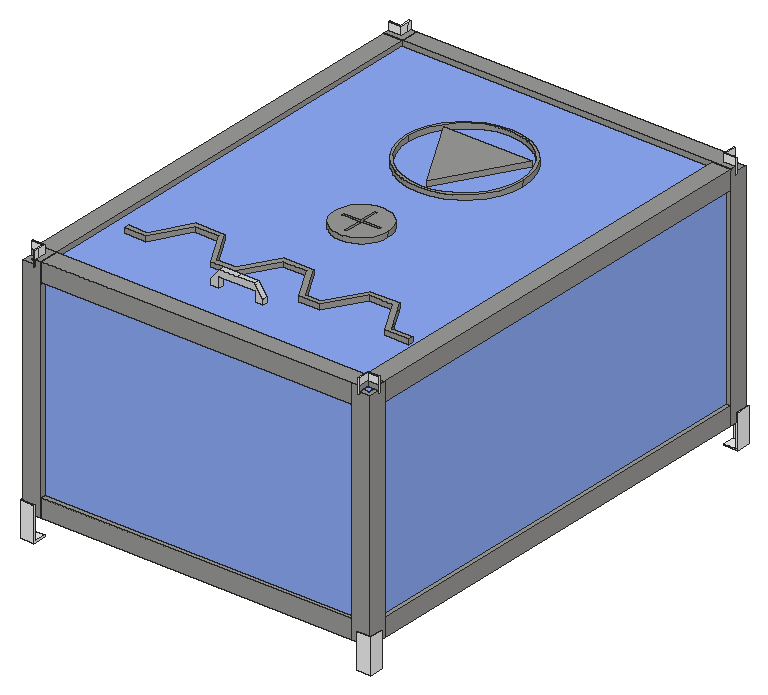
Revit family "4. Секция моноблока UTR A", category Оборудование, Revit 2016
Family settings
  Тип детали = Нормальный
  Размер круглого соединителя = Использовать диаметр
  На основе рабочей плоскости = Нет
  Всегда вертикально = Да
  При загрузке вырезать с полостями = Нет
  Общий = Нет
  Точка расчета площади = Нет
Parameters (values of type "50-25 A.2.22-0,37x27(R)")
  ширина = 500 mm
  размер В = 635 mm
  значок = yes
  высота = 250 mm
  Теплопроизводительность, кВт = 26 kW
  Синий = Синий
  Д1 = Д - 20 mm  # 940 mm
  Д = 960 mm
  ножки(да/нет) [instance] = yes
  Г = 395 mm
  Б1 = Б - 20 mm  # 450 mm
  А1 = А - 20 mm  # 690 mm
  А = 710 mm
  высота ножек = 50 mm
  Б = 470 mm
  Частотный преобразователь [instance] = no
  Частота вращения n, об/мин = "2730"
  Тип, марка, обозначение = "UTR 50-25 A.2.22-0,37x27(R)"
  Сила тока J, А = "1,66/0,96"
  Регулятор расхода [instance] = no
  Раздел = "ОВ"
  Примечание = ""
  Позиция = ""
  Напряжение U,В = "3х220/3х380"
  Наименование и тех.хар-ка = "Секция фильтра, водяного нагревателя и вентилятора"  # constant formula
  Мощность двигателя N,Вт = "370"
  Материал = RAL 0000 Серый металл
  Масса единицы = "69"
  Код, оборудования = ""
  Ключевая пометка = "Вентиляция"
  Задание электрикам [instance] = no
  Задание автоматчикам [instance] = no
  Завод изготовитель = "KORF"  # constant formula
  Единица измерения = "шт."  # constant formula
  h = высота ножек + 10 mm  # 60 mm
Types (46, lengths in mm): name | ширина | размер В | высота | Теплопроизводительность, кВт | Д1 | Д | ножки(да/нет) | Г | Б1 | А1 | А | Б | Частота вращения n, об/мин | Тип, марка, обозначение | Сила тока J, А | Напряжение U,В | Мощность двигателя N,Вт | Материал | Масса единицы
  50-25 A.2.22-0,37x27(R) | 500 | 635 | 250 | 26 kW | 940 | 960 | yes | 395 | 450 | 690 | 710 | 470 | "2730" | "UTR 50-25 A.2.22-0,37x27(R)" | "1,66/0,96" | "3х220/3х380" | "370" | RAL 0000 Серый металл | "69"
  50-25 A.2.25-0,55x27(R) | 500 | 635 | 250 | 26 kW | 940 | 960 | no | 395 | 450 | 690 | 710 | 470 | "2730" | "UTR 50-25 A.2.22-0,55x27(R)" | "2,47/1,43" | "3х220/3х380" | "550" | Сталь серая | "71"
  50-30 A.2.25-0,55x27(R) | 500 | 635 | 300 | 30.9 kW | 940 | 960 | no | 445 | 500 | 690 | 710 | 520 | "2730" | "UTR 50-30 A.2.25-0,55x27(R)" | "2,47/1,43" | "3х220/3х380" | "550" | Сталь серая | "75"
  50-30 A.2.28-1,1x28(R) | 500 | 635 | 300 | 30.9 kW | 1040 | 1060 | no | 445 | 500 | 690 | 710 | 520 | "2800" | "UTR 50-30 A.2.28-1,1x28(R)" | "4,4/2,52" | "3х220/3х380" | "1100" | Сталь серая | "81"
  50-30 A.2.31-1,1x28(R) | 500 | 635 | 300 | 30.9 kW | 1040 | 1060 | no | 445 | 500 | 690 | 710 | 520 | "2800" | "UTR 50-30 A.2.31-1,1x28(R)" | "4,4/2,52" | "3х220/3х380" | "1100" | Сталь серая | "83"
  60-30 A.2.28-1,1x28(R) | 600 | 735 | 300 | 37.4 kW | 1040 | 1060 | no | 445 | 500 | 790 | 810 | 520 | "2800" | "UTR 60-30 A.2.28-1,1x28(R)" | "4,4/2,52" | "3х220/3х380" | "1100" | Сталь серая | "87"
  60-30 A.2.31-1,1x28(R) | 600 | 735 | 300 | 37.4 kW | 1040 | 1060 | no | 445 | 500 | 790 | 810 | 520 | "2800" | "UTR 60-30 A.2.31-1,1x28(R)" | "4,4/2,52" | "3х220/3х380" | "1100" | Сталь серая | "89"
  60-35 A.2.31-1,1x28(R) | 600 | 735 | 350 | 43.9 kW | 1040 | 1060 | no | 495 | 550 | 790 | 810 | 570 | "2800" | "UTR 60-35 A.2.31-1,1x28(R)" | "4,4/2,52" | "3х220/3х380" | "1100" | Сталь серая | "92"
  60-35 A.2.31-1,5x28(R) | 600 | 735 | 350 | 43.9 kW | 1040 | 1060 | no | 495 | 550 | 790 | 810 | 570 | "2880" | "UTR 60-35 A.2.31-1,5x28(R)" | "5,6/3,3" | "3х220/3х380" | "1500" | Сталь серая | "95"
  60-35 A.2.35-2,2x28(R) | 600 | 735 | 350 | 43.9 kW | 1120 | 1140 | no | 495 | 550 | 790 | 810 | 570 | "2860" | "UTR 60-35 A.2.35-2,2x28(R)" | "8,0/4,6" | "3х220/3х380" | "1500" | Сталь серая | "101"
  70-40 A.2.31-1,1x28(R) | 700 | 835 | 400 | 58.5 kW | 1040 | 1060 | no | 545 | 600 | 890 | 910 | 620 | "2800" | "UTR 70-40 A.2.31-1,1x28(R)" | "4,4/2,52" | "3х220/3х380" | "1100" | Сталь серая | "102"
  70-40 A.2.31-2,2x28(R) | 700 | 835 | 400 | 58.5 kW | 1120 | 1140 | no | 545 | 600 | 890 | 910 | 620 | "2860" | "UTR 70-40 A.2.31-2,2x28(R)" | "8,0/4,6" | "3х220/3х380" | "2200" | Сталь серая | "110"
  70-40 A.2.35-2,2x28(R) | 700 | 835 | 400 | 58.5 kW | 1120 | 1140 | no | 545 | 600 | 890 | 910 | 620 | "2860" | "UTR 70-40 A.2.35-2,2x28(R)" | "8,0/4,6" | "3х220/3х380" | "2200" | Сталь серая | "111"
  80-50 A.2.35-2,2x28(R) | 800 | 935 | 500 | 82.9 kW | 1120 | 1140 | no | 645 | 700 | 990 | 1010 | 720 | "2860" | "UTR 80-50 A.2.35-2,2x28(R)" | "8,0/4,6" | "3х220/3х380" | "2200" | Сталь серая | "126"
  80-50 A.2.35-3,0x28(R) | 800 | 935 | 500 | 82.9 kW | 1120 | 1140 | no | 645 | 700 | 990 | 1010 | 720 | "2860" | "UTR 80-50 A.2.35-3,0x28(R)" | "10,5/6,0" | "3х220/3х380" | "3000" | Сталь серая | "130"
  80-50 A.2.40-4,0x28(R) | 800 | 935 | 500 | 82.9 kW | 1240 | 1260 | no | 645 | 700 | 990 | 1010 | 720 | "2850" | "UTR 80-50 A.2.40-4,0x28(R)" | "8,0/4,6" | "3х380/3х660" | "4000" | Сталь серая | "147"
  90-50 A.2.35-3,0x28(R) | 900 | 1050 | 500 | 92.6 kW | 1120 | 1140 | no | 645 | 720 | 1140 | 1160 | 740 | "2860" | "UTR 90-50 A.2.35-3,0x28(R)" | "10,5/6,0" | "3х220/3х380" | "3000" | Сталь серая | "142"
  90-50 A.2.40-4,0x28(R) | 900 | 1050 | 500 | 92.6 kW | 1240 | 1260 | no | 645 | 720 | 1140 | 1160 | 740 | "2850" | "UTR 90-50 A.2.40-4,0x28(R)" | "8,0/4,6" | "3х380/3х660" | "4000" | Сталь серая | "158"
  90-50 A.2.45-3,0x14(R) | 900 | 1050 | 500 | 92.6 kW | 1240 | 1260 | no | 645 | 720 | 1140 | 1160 | 740 | "1410" | "UTR 90-50 A.2.45-3,0x14(R)" | "11,6/6,7" | "3х220/3х380" | "3000" | Сталь серая | "157"
  100-50 A.2.40-4,0x28(R) | 1000 | 1150 | 500 | 102.4 kW | 1240 | 1260 | yes | 665 | 720 | 1205 | 1225 | 740 | "2850" | "UTR 100-50 A.2.40-4,0x28(R)" | "8,0/4,6" | "3х380/3х660" | "4000" | Сталь серая | "165"
  100-50 A.2.45-3,0x28(R) | 1000 | 1150 | 500 | 102.4 kW | 1240 | 1260 | no | 665 | 720 | 1205 | 1225 | 740 | "1410" | "UTR 100-50 A.2.45-3,0x14(R)" | "11,6/6,7" | "3х220/3х380" | "3000" | Сталь серая | "166"
  100-50 A.2.45-4,0x14(R) | 1000 | 1150 | 500 | 102.4 kW | 1300 | 1320 | no | 665 | 720 | 1205 | 1225 | 740 | "1410" | "UTR 100-50 A.2.45-4,0x14(R)" | "8,5/4,9" | "3х380/3х660" | "4000" | Сталь серая | "174"
  100-50 A.2.45-5,5x14(R) | 1000 | 1150 | 500 | 102.4 kW | 1300 | 1320 | no | 665 | 720 | 1205 | 1225 | 740 | "1430" | "UTR 100-50 A.2.45-5,5x14(R)" | "11,0/6,5" | "3х380/3х660" | "5500" | Сталь серая | "183"
  50-25 A.3.22-0,37x27(R) | 500 | 635 | 250 | 31.4 kW | 940 | 960 | no | 395 | 450 | 690 | 710 | 470 | "2730" | "UTR 50-25 A.3.22-0,37x27(R)" | "1,66/0,96" | "3х220/3х380" | "370" | Сталь серая | "71"
  50-25 A.3.22-0,55x27(R) | 500 | 635 | 250 | 31.4 kW | 940 | 960 | no | 395 | 450 | 690 | 710 | 470 | "2730" | "UTR 50-25 A.3.22-0,55x27(R)" | "2,47/1,43" | "3х220/3х380" | "550" | Сталь серая | "73"
  50-30 A.3.25-0,55x27(R) | 500 | 635 | 300 | 37.3 kW | 940 | 960 | no | 445 | 500 | 690 | 710 | 520 | "2730" | "UTR 50-30 A.3.25-0,55x27(R)" | "2,47/1,43" | "3х220/3х380" | "550" | Сталь серая | "76"
  50-30 A.3.28-1,1x28(R) | 500 | 635 | 300 | 37.3 kW | 1040 | 1060 | no | 445 | 500 | 690 | 710 | 520 | "2800" | "UTR 50-30 A.3.28-1,1x28(R)" | "4,4/2,52" | "3х220/3х380" | "1100" | Сталь серая | "82"
  50-30 A.3.31-1,1x28(R) | 500 | 635 | 300 | 37.3 kW | 1040 | 1060 | no | 445 | 500 | 690 | 710 | 520 | "2800" | "UTR 50-30 A.3.31-1,1x28(R)" | "4,4/2,52" | "3х220/3х380" | "1100" | Сталь серая | "84"
  60-30 A.3.28-1,1x28(R) | 600 | 735 | 300 | 45.2 kW | 1040 | 1060 | no | 445 | 500 | 790 | 810 | 520 | "2800" | "UTR 60-30 A.3.28-1,1x28(R)" | "4,4/2,52" | "3х220/3х380" | "1100" | Сталь серая | "89"
  60-30 A.3.31-1,1x28(R) | 600 | 735 | 300 | 45.2 kW | 1040 | 1060 | no | 445 | 500 | 790 | 810 | 520 | "2800" | "UTR 60-30 A.3.31-1,1x28(R)" | "4,4/2,52" | "3х220/3х380" | "1100" | Сталь серая | "91"
  60-35 A.3.31-1,1x28(R) | 600 | 735 | 350 | 53 kW | 1040 | 1060 | no | 495 | 550 | 790 | 810 | 570 | "2800" | "UTR 60-35 A.3.31-1,1x28(R)" | "4,4/2,52" | "3х220/3х380" | "1100" | Сталь серая | "94"
  60-35 A.3.31-1,5x28(R) | 600 | 735 | 350 | 53 kW | 1040 | 1060 | no | 495 | 550 | 790 | 810 | 570 | "2880" | "UTR 60-35 A.3.31-1,5x28(R)" | "5,6/3,3" | "3х220/3х380" | "1500" | Сталь серая | "97"
  60-35 A.3.35-2,2x28(R) | 600 | 735 | 350 | 53 kW | 1120 | 1140 | no | 495 | 550 | 790 | 810 | 570 | "2860" | "UTR 60-35 A.3.35-2,2x28(R)" | "8,0/4,6" | "3х220/3х380" | "1500" | Сталь серая | "103"
  70-40 A.3.31-1,1x28(R) | 700 | 835 | 400 | 70.7 kW | 1040 | 1060 | no | 545 | 600 | 890 | 910 | 620 | "2800" | "UTR 70-40 A.3.31-1,1x28(R)" | "4,4/2,52" | "3х220/3х380" | "1100" | Сталь серая | "105"
  70-40 A.3.31-2,2x28(R) | 700 | 835 | 400 | 70.7 kW | 1120 | 1140 | no | 545 | 600 | 890 | 910 | 620 | "2860" | "UTR 70-40 A.3.31-2,2x28(R)" | "8,0/4,6" | "3х220/3х380" | "2200" | Сталь серая | "113"
  70-40 A.3.35-2,2x28(R) | 700 | 835 | 400 | 70.7 kW | 1120 | 1140 | no | 545 | 600 | 890 | 910 | 620 | "2860" | "UTR 70-40 A.3.35-2,2x28(R)" | "8,0/4,6" | "3х220/3х380" | "2200" | Сталь серая | "114"
  80-50 A.3.35-2,2x28(R) | 800 | 935 | 500 | 100.1 kW | 1120 | 1140 | no | 645 | 700 | 990 | 1010 | 720 | "2860" | "UTR 80-50 A.3.35-2,2x28(R)" | "8,0/4,6" | "3х220/3х380" | "2200" | Сталь серая | "129"
  80-50 A.3.35-3,0x28(R) | 800 | 935 | 500 | 100.1 kW | 1120 | 1140 | no | 645 | 700 | 990 | 1010 | 720 | "2860" | "UTR 80-50 A.3.35-3,0x28(R)" | "10,5/6,0" | "3х220/3х380" | "3000" | Сталь серая | "133"
  80-50 A.3.40-4,0x28(R) | 800 | 935 | 500 | 100.1 kW | 1240 | 1260 | no | 645 | 700 | 990 | 1010 | 720 | "2850" | "UTR 80-50 A.3.40-4,0x28(R)" | "8,0/4,6" | "3х380/3х660" | "4000" | Сталь серая | "150"
  90-50 A.3.35-3,0x28(R) | 900 | 1050 | 500 | 111.9 kW | 1120 | 1140 | no | 645 | 720 | 1140 | 1160 | 740 | "2860" | "UTR 90-50 A.3.35-3,0x28(R)" | "10,5/6,0" | "3х220/3х380" | "3000" | Сталь серая | "147"
  90-50 A.3.40-4,0x28(R) | 900 | 1050 | 500 | 111.9 kW | 1240 | 1260 | no | 645 | 720 | 1140 | 1160 | 740 | "2850" | "UTR 90-50 A.3.40-4,0x28(R)" | "8,0/4,6" | "3х380/3х660" | "4000" | Сталь серая | "161"
  90-50 A.3.45-3,0x14(R) | 900 | 1050 | 500 | 111.9 kW | 1240 | 1260 | no | 645 | 720 | 1140 | 1160 | 740 | "1410" | "UTR 90-50 A.3.45-3,0x14(R)" | "11,6/6,7" | "3х220/3х380" | "3000" | Сталь серая | "162"
  100-50 A.3.40-4,0x28(R) | 1000 | 1150 | 500 | 123.7 kW | 1240 | 1260 | no | 665 | 720 | 1205 | 1225 | 740 | "2850" | "UTR 100-50 A.3.40-4,0x28(R)" | "8,0/4,6" | "3х380/3х660" | "4000" | Сталь серая | "170"
  100-50 A.3.45-3,0x14(R) | 1000 | 1150 | 500 | 123.7 kW | 1240 | 1260 | no | 665 | 720 | 1205 | 1225 | 740 | "1410" | "UTR 100-50 A.3.45-3,0x14(R)" | "11,6/6,7" | "3х220/3х380" | "3000" | Сталь серая | "169"
  100-50 A.3.45-4,0x14(R) | 1000 | 1150 | 500 | 123.7 kW | 1300 | 1320 | no | 665 | 720 | 1205 | 1225 | 740 | "1410" | "UTR 100-50 A.3.45-4,0x14(R)" | "8,5/4,9" | "3х380/3х660" | "4000" | Сталь серая | "179"
  100-50 A.3.45-5,5x14(R) | 1000 | 1150 | 500 | 123.7 kW | 1300 | 1320 | no | 665 | 720 | 1205 | 1225 | 740 | "1430" | "UTR 100-50 A.3.45-5,5x14(R)" | "11,0/6,5" | "3х380/3х660" | "5500" | Сталь серая | "188"
Reference planes
  plane 1 "По центру (Вперед/Назад)": y = 0
  plane 2: z = 0
  plane 3 "По центру (Влево/Вправо)": x = 0
  plane 4: x = -345
  plane 5: x = 345
  plane 6: y = 470
  plane 7: y = -470
  plane 8: z = 510
  plane 9: z = 60
  plane 10: z = 535
  plane 11: z = 554.116
  plane 12: y = -370
  plane 13: z = 440
  plane 14: z = 320
  plane 15: z = 250
  plane 16: z = 130
  plane 17: y = -100
  plane 18: y = -200
Forms (mm)
  Extrusion 1, solid, material "Синий" <- "Синий", detail levels fine
    sketch origin (0, 0, 50) x (1, 0, 0) y (0, 1, 0)
      loop
        line (-345, 470) -> (-345, -470) -> (345, -470) -> (345, 470) -> (-345, 470)
    from 10 to 460
  Sweep 2, solid, material "RAL 0000 Серый металл" <- "Материал", detail levels fine
    path origin (345, -470, 50) x (-1, 0, 0) y (0, 0, -1)
      loop
        line (0, -460) -> (690, -460) -> (690, -10) -> (0, -10) -> (0, -460)
    profile "Профиль уголок 10х10 : Профиль уголок 10х10" origin (0, -470, 510) x (0, 0, -1) y (0, -1, 0)
      loop
        line (0, -27.5) -> (0, 0) -> (27.5, 0) -> (27.5, 10) -> (-10, 10) -> (-10, -27.5) -> (0, -27.5)
  Sweep 3, solid, material "RAL 0000 Серый металл" <- "Материал", detail levels fine
    path origin (-345, 470, 50) x (1, 0, 0) y (0, 0, -1)
      loop
        line (0, -460) -> (690, -460) -> (690, -10) -> (0, -10) -> (0, -460)
    profile "Профиль уголок 10х10 : Профиль уголок 10х10" origin (0, 470, 510) x (0, 0, -1) y (0, 1, 0)
      loop
        line (0, -27.5) -> (0, 0) -> (27.5, 0) -> (27.5, 10) -> (-10, 10) -> (-10, -27.5) -> (0, -27.5)
  Sweep 4, solid, material "RAL 0000 Серый металл" <- "Материал", detail levels fine
    path origin (345, 470, 50) x (0, -1, 0) y (0, 0, -1)
      loop
        line (0, -460) -> (940, -460) -> (940, -10) -> (0, -10) -> (0, -460)
    profile "Профиль уголок 10х10 : Профиль уголок 10х10" origin (345, 0, 510) x (0, 0, -1) y (1, 0, 0)
      loop
        line (0, -27.5) -> (0, 0) -> (27.5, 0) -> (27.5, 10) -> (-10, 10) -> (-10, -27.5) -> (0, -27.5)
  Sweep 5, solid, material "RAL 0000 Серый металл" <- "Материал", detail levels fine
    path origin (-345, -470, 50) x (0, 1, 0) y (0, 0, -1)
      loop
        line (0, -460) -> (940, -460) -> (940, -10) -> (0, -10) -> (0, -460)
    profile "Профиль уголок 10х10 : Профиль уголок 10х10" origin (-345, 0, 510) x (0, 0, -1) y (-1, 0, 0)
      loop
        line (0, -27.5) -> (0, 0) -> (27.5, 0) -> (27.5, 10) -> (-10, 10) -> (-10, -27.5) -> (0, -27.5)
  Extrusion 6, void
    sketch origin (-345, -19.965, 60) x (0, -1, 0) y (0, 0, -1)
      loop
        line (-477.965, -475) -> (-477.965, -450) -> (-528.913, -450) -> (-528.913, -475) -> (-477.965, -475)
    from -47.452 to 12
  Extrusion 7, void, not visible
    sketch origin (-345, -245, 50) x (0, -1, 0) y (0, 0, -1)
      loop
        line (-477.965, -475) -> (-477.965, -450) -> (-528.913, -450) -> (-528.913, -475) -> (-477.965, -475)
    from -47.452 to 12
  Extrusion 8, void
    sketch origin (345, 19.965, 60) x (0, 1, 0) y (0, 0, -1)
      loop
        line (438.035, -475) -> (488.984, -475) -> (488.984, -450) -> (438.035, -450) -> (438.035, -475)
    from -47.452 to 12
  Extrusion 9, void
    sketch origin (-345, -19.965, 60) x (0, -1, 0) y (0, 0, -1)
      loop
        line (438.035, -475) -> (488.984, -475) -> (488.984, -450) -> (438.035, -450) -> (438.035, -475)
    from -47.452 to 12
  Extrusion 10, void
    sketch origin (345, 19.965, 60) x (0, 1, 0) y (0, 0, -1)
      loop
        line (-477.965, -475) -> (-477.965, -450) -> (-528.913, -450) -> (-528.913, -475) -> (-477.965, -475)
    from -47.452 to 12
  Extrusion 11, solid, not visible
    sketch origin (-505, -587.871, 771.514) x (0, 1, 0) y (0, 0, -1)
      loop
        circle (381.646, 195.63) r 15
    from -25 to 0
  Extrusion 12, solid, not visible
    sketch origin (-505, -645.574, 666.29) x (0, 1, 0) y (0, 0, -1)
      loop
        circle (381.646, 445.63) r 15
    from -25 to 0
  Extrusion 13, solid, not visible
    sketch origin (-505, -604.842, 567.007) x (0, 1, 0) y (0, 0, -1)
      loop
        circle (381.646, 445.63) r 8
    from -25 to 0
  Extrusion 14, solid, not visible
    sketch origin (-505, -624.085, 872.587) x (0, 1, 0) y (0, 0, -1)
      loop
        circle (381.646, 195.63) r 8
    from -25 to 0
  Extrusion 15, solid, detail levels fine
    sketch origin (-623.024, -9.131, 0) x (0, 1, 0) y (0, 0, 1)
      loop
        circle (-90, 320) r 15
      loop
        circle (-190, 440) r 10
      loop
        circle (-190, 250) r 15
      loop
        circle (-90, 130) r 10
    from 268.024 to 500
  Extrusion 16, solid, material "RAL 0000 Серый металл" <- "Материал", visible <- "значок", detail levels fine
    sketch origin (0, 0, 0) x (1, 0, 0) y (0, 1, 0)
      loop
        circle (0, 205.076) r 120
      loop
        circle (0, 205.076) r 115
      loop
        line (0, 265) -> (-90, 265) -> (0, 109.115) -> (90, 265) -> (0, 265)
      loop
        circle (0, -58.567) r 55
      loop
        line (-2.65, -21.167) -> (-2.65, -56.37) -> (-37.853, -56.37) -> (-37.853, -61.37) -> (-2.65, -61.37) -> (-2.65, -96.873) -> (2.35, -96.873) -> (2.35, -61.37) -> (37.853, -61.37) -> (37.853, -56.37) -> (2.35, -56.37) -> (2.35, -21.167) -> (-2.65, -21.167)
      loop
        line (-282.02, -300.971) -> (-282.02, -310.971) -> (-239.133, -310.971) -> (-197.479, -238.823) -> (-148.252, -238.823) -> (-106.598, -310.971) -> (-57.938, -310.971) -> (-16.283, -238.823) -> (32.943, -238.823) -> (74.598, -310.971) -> (117.484, -310.971) -> (159.139, -238.823) -> (208.365, -238.823) -> (250.02, -310.971) -> (298.68, -310.971) -> (298.68, -300.971) -> (255.793, -300.971) -> (214.139, -228.823) -> (153.365, -228.823) -> (111.711, -300.971) -> (80.371, -300.971) -> (38.717, -228.823) -> (-22.057, -228.823) -> (-63.711, -300.971) -> (-100.824, -300.971) -> (-142.479, -228.823) -> (-203.252, -228.823) -> (-244.907, -300.971) -> (-282.02, -300.971)
    from 510 to 520
Cuts and joins
  Extrusion 6, Extrusion 8, Extrusion 9, Extrusion 10 cuts Extrusion 1
  Extrusion 6, Extrusion 8, Extrusion 9, Extrusion 10 cuts Sweep 3
  Extrusion 6, Extrusion 8, Extrusion 9 cuts Sweep 5
  Extrusion 8, Extrusion 10 cuts Sweep 4
  Extrusion 9, Extrusion 10 cuts Sweep 2
Dimensions and locks
  equal spacing: plane 6, plane 1 "По центру (Вперед/Назад)", plane 7
  "Д1": plane 6 to plane 7
  equal spacing: plane 4, plane 3 "По центру (Влево/Вправо)", plane 5
  "А1": plane 4 to plane 5
  "h": plane 9 to level
  "Б1": plane 8 to plane 9
  locked: plane 10 to plane 8 at 25
  locked: plane 11 to plane 8 at 44.116
  plane 12 to plane 7 = 100 mm
  locked: plane 16 to plane 9 at 70
  locked: plane 15 to plane 9 at 190
  locked: plane 8 to plane 13 at 70
  locked: plane 8 to plane 14 at 190
  locked: plane 1 "По центру (Вперед/Назад)" to plane 17 at 100
  locked: plane 1 "По центру (Вперед/Назад)" to plane 18 at 200
  cut or joined group of Sweep 2, Extrusion 9, Extrusion 10 to level = 50 mm
  aligned and locked: level to plane 2
  aligned and locked: plane 6 to Extrusion 1
  aligned and locked: Extrusion 1 to plane 5
  aligned and locked: Extrusion 1 to plane 7
  aligned and locked: Extrusion 1 to plane 4
  aligned and locked: plane 8 to Extrusion 1
  aligned and locked: Extrusion 1 to plane 9
  aligned and locked: Sweep 4 sketch curve to Extrusion 1  (x2)
  aligned and locked: Sweep 5 sketch curve to Extrusion 1  (x2)
  aligned and locked: nested 1 to Sweep 5  (x2)
  aligned and locked: nested 2 to Sweep 4
  aligned and locked: Sweep 4 to nested 2
  aligned and locked: nested 4 to Sweep 4  (x2)
  aligned and locked: Sweep 5 to nested 3
  aligned and locked: nested 3 to Sweep 5
  aligned and locked: Extrusion 6 to nested 5  (x2)
  aligned and locked: Extrusion 8 to nested 7
  aligned and locked: nested 7 to Extrusion 8
  aligned and locked: Extrusion 9 to nested 8
  aligned and locked: nested 8 to Extrusion 9
  aligned and locked: Extrusion 10 to nested 9
  aligned and locked: nested 9 to Extrusion 10
  aligned and locked: nested 8 to cut or joined group of Sweep 2, Extrusion 9, Extrusion 10  (x2)
  aligned and locked: nested 5 to cut or joined group of Sweep 3, Extrusion 6, Extrusion 8, Extrusion 9, Extrusion 10
  aligned and locked: nested 5 to cut or joined group of Sweep 5, Extrusion 6, Extrusion 8, Extrusion 9
  aligned and locked: nested 7 to cut or joined group of Sweep 4, Extrusion 8, Extrusion 10
  aligned and locked: nested 7 to cut or joined group of Sweep 3, Extrusion 6, Extrusion 8, Extrusion 9, Extrusion 10
  aligned and locked: nested 9 to cut or joined group of Sweep 2, Extrusion 9, Extrusion 10
  aligned and locked: cut or joined group of Sweep 2, Extrusion 9, Extrusion 10 to nested 9
  aligned and locked: nested 8 to plane 10
  aligned and locked: plane 10 to nested 9
  aligned and locked: plane 10 to nested 5
  aligned and locked: nested 7 to plane 10
  aligned and locked: plane 11 to nested 10
  aligned and locked: nested 10 to plane 12
  aligned and locked: cut or joined group of Sweep 5, Extrusion 6, Extrusion 8, Extrusion 9 to Extrusion 15
  aligned and locked: nested 11 to plane 6
  aligned and locked: nested 12 to plane 9
  aligned and locked: cut or joined group of Sweep 3, Extrusion 6, Extrusion 8, Extrusion 9, Extrusion 10 to Extrusion 16
Automatic sketch dimensions
  Extrusion 6 sketch curve to Extrusion 6 sketch curve = 50.949 mm
  Extrusion 6 sketch curve to Extrusion 6 sketch curve = 25 mm
  Extrusion 7 sketch curve to Extrusion 7 sketch curve = 50.949 mm
  Extrusion 7 sketch curve to Extrusion 7 sketch curve = 25 mm
  Extrusion 8 sketch curve to Extrusion 8 sketch curve = 50.949 mm
  Extrusion 8 sketch curve to Extrusion 8 sketch curve = 25 mm
  Extrusion 9 sketch curve to Extrusion 9 sketch curve = 50.949 mm
  Extrusion 9 sketch curve to Extrusion 9 sketch curve = 25 mm
  Extrusion 10 sketch curve to Extrusion 10 sketch curve = 50.949 mm
  Extrusion 10 sketch curve to Extrusion 10 sketch curve = 25 mm
  Extrusion 1 sketch curve to plane 4 = 0 mm
  Extrusion 1 sketch curve to plane 5 = 0 mm
  Extrusion 1 sketch curve to plane 7 = 0 mm
  Extrusion 1 sketch curve to plane 6 = 0 mm
  Sweep 2 sketch curve to Extrusion 1 = 0 mm  (x4)
  Sweep 3 sketch curve to Extrusion 1 = 0 mm  (x3)
  Extrusion 1 to Sweep 3 sketch curve = 0 mm
  Sweep 4 sketch curve to Extrusion 1 = 0 mm  (x2)
  Sweep 5 sketch curve to Extrusion 1 = 0 mm  (x2)
  Extrusion 15 sketch curve to plane 13 = 0 mm
  plane 18 to Extrusion 15 sketch curve = 0.869 mm  (x2)
  Extrusion 15 sketch curve to plane 15 = 0 mm
  Extrusion 15 sketch curve to plane 16 = 0 mm
  plane 17 to Extrusion 15 sketch curve = 0.869 mm  (x2)
  Extrusion 15 sketch curve to plane 14 = 0 mm
  Extrusion 16 sketch curve to Extrusion 16 sketch curve = 0 mm  (x2)
  Extrusion 16 sketch curve to plane 3 "По центру (Влево/Вправо)" = 0 mm  (x4)
  Extrusion 16 sketch curve to plane 3 "По центру (Влево/Вправо)" = 2.65 mm  (x2)
  Extrusion 16 sketch curve to plane 3 "По центру (Влево/Вправо)" = 16.283 mm
  Extrusion 16 sketch curve to Extrusion 16 sketch curve = 5.774 mm  (x12)
  Extrusion 16 sketch curve to Extrusion 16 sketch curve = 35.204 mm
  Extrusion 16 sketch curve to plane 3 "По центру (Влево/Вправо)" = 57.938 mm
  Extrusion 16 sketch curve to plane 3 "По центру (Влево/Вправо)" = 90 mm
  Extrusion 16 sketch curve to Extrusion 16 sketch curve = 37.113 mm  (x2)
  plane 12 to Extrusion 16 sketch curve = 59.029 mm  (x4)
  Extrusion 16 sketch curve to plane 18 = 28.823 mm  (x2)
  Extrusion 16 sketch curve to Extrusion 16 sketch curve = 41.654 mm  (x4)
  Extrusion 16 sketch curve to plane 18 = 38.823 mm  (x2)
  Extrusion 16 sketch curve to Extrusion 16 sketch curve = 49.226 mm  (x2)
  plane 3 "По центру (Влево/Вправо)" to Extrusion 16 sketch curve = 2.35 mm  (x2)
  plane 3 "По центру (Влево/Вправо)" to Extrusion 16 sketch curve = 32.943 mm
  Extrusion 16 sketch curve to Extrusion 16 sketch curve = 35.503 mm
  plane 3 "По центру (Влево/Вправо)" to Extrusion 16 sketch curve = 74.598 mm
  plane 3 "По центру (Влево/Вправо)" to Extrusion 16 sketch curve = 90 mm
  Extrusion 16 sketch curve to Extrusion 16 sketch curve = 31.34 mm
  Extrusion 16 sketch curve to Extrusion 16 sketch curve = 10 mm  (x6)
  plane 17 to Extrusion 16 sketch curve = 3.127 mm
  plane 17 to Extrusion 16 sketch curve = 38.63 mm  (x2)
  Extrusion 16 sketch curve to Extrusion 16 sketch curve = 2.803 mm
  Extrusion 16 sketch curve to Extrusion 16 sketch curve = 2.197 mm
  Extrusion 16 sketch curve to Extrusion 16 sketch curve = 5 mm
  plane 1 "По центру (Вперед/Назад)" to Extrusion 16 sketch curve = 21.167 mm
  Extrusion 16 sketch curve to plane 1 "По центру (Вперед/Назад)" = 109.115 mm
  Extrusion 16 sketch curve to Extrusion 16 sketch curve = 95.96 mm
  Extrusion 16 sketch curve to Extrusion 16 sketch curve = 59.924 mm
  Extrusion 16 sketch curve to Extrusion 16 sketch curve = 42.887 mm
  radius of Extrusion 11 sketch curve = 15 mm
  radius of Extrusion 12 sketch curve = 15 mm
  radius of Extrusion 13 sketch curve = 8 mm
  radius of Extrusion 14 sketch curve = 8 mm
  radius of Extrusion 15 sketch curve = 15 mm  (x2)
  radius of Extrusion 15 sketch curve = 10 mm  (x2)
  radius of Extrusion 16 sketch curve = 120 mm
  radius of Extrusion 16 sketch curve = 115 mm
  radius of Extrusion 16 sketch curve = 55 mm
Nested families
  nested 1: "Ножка 50мм" at (-358, 483, 0), visible <- "ножки(да/нет)", type "Ножка 50мм", detail levels fine
  nested 2: "Ножка 50мм" at (358, 483, 0) x (-1, 0, 0) z (0, 0, 1), visible <- "ножки(да/нет)", type "Ножка 50мм", detail levels fine
  nested 3: "Ножка 50мм" at (-358, -483, 0), visible <- "ножки(да/нет)", type "Ножка 50мм", detail levels fine
  nested 4: "Ножка 50мм" at (358, -483, 0) x (-1, 0, 0) z (0, 0, 1), visible <- "ножки(да/нет)", type "Ножка 50мм", detail levels fine
  nested 5: "крепление 15мм" at (-330, 455, 505), type "крепление 15мм", detail levels fine
  nested 6: "крепление 15мм" at (-330, 229.965, 495), type "крепление 15мм", not visible, detail levels fine
  nested 7: "крепление 15мм" at (330, 455, 505) x (-1, 0, 0) z (0, 0, 1), type "крепление 15мм", detail levels fine
  nested 8: "крепление 15мм" at (-330, -455, 505), type "крепление 15мм", detail levels fine
  nested 9: "крепление 15мм" at (330, -455, 505) x (-1, 0, 0) z (0, 0, 1), type "крепление 15мм", detail levels fine
  nested 10: "Ручка" at (-5, -360, 520.116), type "Ручка", detail levels fine
  nested 11: "УГО секция моноблока (план)" at (0, 0, 510), длина <- "Д1", Ширина <- "А1", type "1", detail levels coarse
    with длина 940 mm, Ширина 690 mm
  nested 12: "УГО секция моноблока (разрез)" at (0, 0, 60) x (0, 1, 0) z (0, 0, 1), длина <- "Д1", высота <- "Б1", type "УГО секция моноблока (разрез)", detail levels medium
    with длина 940 mm, высота 450 mm, Ширина 0 mm
Connectors
  hvac at (0, -480, 285), driven by "высота", driven by "ширина"
    settings: on cut or joined group of Sweep 2, Extrusion 9, Extrusion 10, index 1, duct flow 0.0 L/s, flow factor 0, pres drop 0.0 Pa, loss coef 0, conn angle 0.00°, conn width 500 mm, conn height 250 mm, conn diameter 609.6 mm, duct sys type 28, conn prof type 1, flow config 0, flow direction 0, loss method 0, conn ref index 6, conn util no, is conn primary yes, conn desc ""
  piping at (-355, -99.131, 320), diameter 30
    settings: on Extrusion 15, index 2, connector inside diameter 609.6 mm, connector length 0 mm, flow factor 0, pipe flow 0.0 L/s, pressure drop 0.0 Pa, fitting loss kfactor 0, connector angle 0.00°, fixture units 0, engagement length 0 mm, angle of deflection 0.00°, flow configuration 0, flow direction 0, fitting loss method 0, system type 28, joint type 0, gender type 0, connector reference index -1, connector utility 0, adjustable connector no, is connector primary yes, connector description ""
  piping at (-355, -199.131, 250), diameter 30
    settings: on Extrusion 15, index 3, connector inside diameter 609.6 mm, connector length 0 mm, flow factor 0, pipe flow 0.0 L/s, pressure drop 0.0 Pa, fitting loss kfactor 0, connector angle 0.00°, fixture units 0, engagement length 0 mm, angle of deflection 0.00°, flow configuration 0, flow direction 0, fitting loss method 0, system type 28, joint type 0, gender type 0, connector reference index -1, connector utility 0, adjustable connector no, is connector primary no, connector description ""
  piping at (-355, -199.131, 440), diameter 20
    settings: on Extrusion 15, index 4, connector inside diameter 609.6 mm, connector length 0 mm, flow factor 0, pipe flow 0.0 L/s, pressure drop 0.0 Pa, fitting loss kfactor 0, connector angle 0.00°, fixture units 0, engagement length 0 mm, angle of deflection 0.00°, flow configuration 0, flow direction 0, fitting loss method 0, system type 28, joint type 0, gender type 0, connector reference index -1, connector utility 0, adjustable connector no, is connector primary no, connector description ""
  piping at (-355, -99.131, 130), diameter 20
    settings: on Extrusion 15, index 5, connector inside diameter 609.6 mm, connector length 0 mm, flow factor 0, pipe flow 0.0 L/s, pressure drop 0.0 Pa, fitting loss kfactor 0, connector angle 0.00°, fixture units 0, engagement length 0 mm, angle of deflection 0.00°, flow configuration 0, flow direction 0, fitting loss method 0, system type 28, joint type 0, gender type 0, connector reference index -1, connector utility 0, adjustable connector no, is connector primary no, connector description ""
  hvac at (0, 480, 285), driven by "ширина", driven by "высота"
    settings: on cut or joined group of Sweep 3, Extrusion 6, Extrusion 8, Extrusion 9, Extrusion 10, index 6, duct flow 0.0 L/s, flow factor 0, pres drop 0.0 Pa, loss coef 0, conn angle 0.00°, conn width 500 mm, conn height 250 mm, conn diameter 609.6 mm, duct sys type 28, conn prof type 1, flow config 0, flow direction 0, loss method 0, conn ref index 1, conn util no, is conn primary no, conn desc ""
Definition of nested family "Ножка 50мм"
  Parameters (values of type "Ножка 50мм")
    Материал ножек = none
  Reference planes
    plane 1 "По центру (Вперед/Назад)": y = 0
    plane 2: z = 0
    plane 3 "По центру (Влево/Вправо)": x = 0
  Forms (mm)
    Extrusion 1, solid, material <- "Материал ножек"
      sketch origin (0, 0, 0) x (1, 0, 0) y (0, 1, 0)
        loop
          line (0, 0) -> (0, -28) -> (3, -28) -> (3, -3) -> (28, -3) -> (28, 0) -> (0, 0)
      from 0 to 70
    Extrusion 2, solid, material <- "Материал ножек"
      sketch origin (0, 0, 0) x (1, 0, 0) y (0, 1, 0)
        loop
          line (0, 0) -> (0, -28.035) -> (28.021, -28.035) -> (28.021, 0) -> (0, 0)
      from 0 to 3
  Cuts and joins
    joined: Extrusion 1, Extrusion 2
  Dimensions and locks
    Extrusion 1 sketch curve to Extrusion 1 sketch curve = 3 mm  (x2)
    Extrusion 1 sketch curve to Extrusion 1 sketch curve = 28 mm  (x2)
    aligned and locked: level to plane 2
Definition of nested family "крепление 15мм"
  Parameters (values of type "крепление 15мм")
    Материал крепления = none
  Reference planes
    plane 1 "По центру (Вперед/Назад)": y = 0
    plane 2: z = 0
    plane 3 "По центру (Влево/Вправо)": x = 0
  Forms (mm)
    Extrusion 1, solid, material <- "Материал крепления"
      sketch origin (0, 0, 0) x (1, 0, 0) y (0, 1, 0)
        loop
          line (-25, 0) -> (0, 0) -> (0, 18.31) -> (0, 25) -> (-3, 25) -> (-3, 3) -> (-25, 3) -> (-25, 0)
      from 0 to 30
    Extrusion 2, void
      sketch origin (0, 0, 0) x (1, 0, 0) y (0, 1, 0)
        loop
          line (-3, 3) -> (-3, 54.96) -> (-58, 54.96) -> (-58, 3) -> (-3, 3)
      from 0 to 15
  Cuts and joins
    Extrusion 2 cuts Extrusion 1
  Dimensions and locks
    Extrusion 1 sketch curve to Extrusion 1 sketch curve = 3 mm  (x2)
    Extrusion 1 sketch curve to Extrusion 1 sketch curve to plane 3 "По центру (Влево/Вправо)" = 25 mm, 0 mm
    Extrusion 1 sketch curve to Extrusion 1 sketch curve = 25 mm
    aligned and locked: level to plane 2
Definition of nested family "Ручка"
  Parameters (values of type "Ручка")
    материал ручки = none
  Reference planes
    plane 1 "По центру (Вперед/Назад)": y = 0
    plane 2: z = 0
    plane 3 "По центру (Влево/Вправо)": x = 0
    plane 4: z = 34
  Forms (mm)
    Extrusion 1, solid, material <- "материал ручки"
      sketch origin (0, 0, 0) x (1, 0, 0) y (0, 0, 1)
        loop
          line (-52.874, 0) -> (52.874, 0) -> (52.874, 10) -> (36.069, 34) -> (1.069, 34) -> (-36.069, 34) -> (-52.874, 10) -> (-52.874, 0)
      from 0 to 10
    Extrusion 2, void
      sketch origin (0, 0, 0) x (1, 0, 0) y (0, 0, 1)
        loop
          line (-37.219, -9.96) -> (37.781, -9.96) -> (37.781, 20.04) -> (-37.219, 20.04) -> (-37.219, -9.96)
      from 0 to 50
  Cuts and joins
    Extrusion 2 cuts Extrusion 1
  Dimensions and locks
    plane 4 to level = 34 mm
    aligned and locked: level to plane 2
Definition of nested family "УГО секция моноблока (план)"
  Parameters (values of type "1")
    секция фильтра = 250 mm
    длина [instance] = 750 mm
    Ширина [instance] = 500 mm
    Частота вращения n, об/мин = ""
    Тип, марка, обозначение = ""
    Сила тока J, А = ""
    Раздел = "ВПИСАТЬ РАЗДЕЛ"
    Примечание = ""
    Позиция = ""
    Default Elevation = 1219.2 mm
    Напряжение U,В = ""
    Наименование и тех.хар-ка = ""
    Мощность двигателя N,Вт = ""
    Материал = none
    Масса единицы = ""
    Код, оборудования = ""
    Keynote = "ВПИСАТЬ СПЕЦИАЛЬНОСТЬ"
    Завод изготовитель = ""
    Единица измерения = ""
    Диаметр = 110 mm
  Reference planes
    plane 1 "По центру (Вперед/Назад)": y = 0
    plane 2: z = 0
    plane 3 "По центру (Влево/Вправо)": x = 0
    plane 4: y = 375
    plane 5: y = -375
    plane 6: x = -250
    plane 7: x = 250
  Lines and regions (mm)
    model lines
      curve 1: line (-250, 375, 0) -> (250, 375, 0)
      curve 2: line (-250, -375, 0) -> (-250, 375, 0)
      curve 3: line (250, -375, 0) -> (-250, -375, 0)
      curve 4: line (250, 375, 0) -> (250, -375, 0)
      curve 5: circle (0, 210, 0) r 110 normal (0, 0, 1)
      curve 6: line (0, 100, 0) -> (95.263, 265, 0)
      curve 7: line (-95.263, 265, 0) -> (95.263, 265, 0)
      curve 8: line (0, 100, 0) -> (-95.263, 265, 0)
      curve 12: circle (0, -25, 0) r 50 normal (0, 0, 1)
      curve 13: line (0, 6.433, 0) -> (0, -58.567, 0)
      curve 14: line (-40, -25, 0) -> (40, -25, 0)
      curve 15: line (-250, -125, 0) -> (250, -125, 0)
      curve 20: line (-250, -280, 0) -> (-225, -280, 0)
      curve 21: line (-225, -280, 0) -> (-191.191, -207.495, 0)
      curve 22: line (-191.191, -207.495, 0) -> (-156.728, -207.495, 0)
      curve 23: line (-156.728, -207.495, 0) -> (-131.763, -280, 0)
      curve 24: line (-131.763, -280, 0) -> (-106.763, -280, 0)
      curve 25: line (-106.763, -280, 0) -> (-72.954, -207.495, 0)
      curve 26: line (-72.954, -207.495, 0) -> (-38.491, -207.495, 0)
      curve 27: line (-38.491, -207.495, 0) -> (-13.526, -280, 0)
      curve 28: line (-13.526, -280, 0) -> (11.474, -280, 0)
      curve 29: line (11.474, -280, 0) -> (45.283, -207.495, 0)
      curve 30: line (45.283, -207.495, 0) -> (79.746, -207.495, 0)
      curve 31: line (79.746, -207.495, 0) -> (104.711, -280, 0)
      curve 32: line (104.711, -280, 0) -> (129.711, -280, 0)
      curve 33: line (129.711, -280, 0) -> (163.521, -207.495, 0)
      curve 34: line (163.521, -207.495, 0) -> (197.983, -207.495, 0)
      curve 35: line (197.983, -207.495, 0) -> (222.948, -280, 0)
      curve 36: line (222.948, -280, 0) -> (250, -280, 0)
    symbolic lines
      curve 9: line (-250, -375, 0) -> (-250, -125, 0)
      curve 10: line (250, -375, 0) -> (-250, -375, 0)
      curve 11: line (250, -125, 0) -> (250, -375, 0)
    model lines, not visible
      curve 16: line (-256.413, -197.655, 0) -> (-216.413, -197.655, 0)
      curve 17: line (-216.413, -197.655, 0) -> (-190.304, -265.628, 0)
      curve 18: line (-283.109, -265.628, 0) -> (-256.413, -197.655, 0)
      curve 19: line (-303.109, -265.628, 0) -> (-283.109, -265.628, 0)
      curve 37: line (-250, -280, 0) -> (-225, -280, 0)
      curve 38: line (-225, -280, 0) -> (-191.191, -207.495, 0)
      curve 39: line (-191.191, -207.495, 0) -> (-156.728, -207.495, 0)
      curve 40: line (-156.728, -207.495, 0) -> (-131.763, -280, 0)
      curve 41: line (-131.763, -280, 0) -> (-106.763, -280, 0)
      curve 42: line (-106.763, -280, 0) -> (-72.954, -207.495, 0)
      curve 43: line (-72.954, -207.495, 0) -> (-38.491, -207.495, 0)
      curve 44: line (-38.491, -207.495, 0) -> (-13.526, -280, 0)
      curve 45: line (-13.526, -280, 0) -> (11.474, -280, 0)
      curve 46: line (11.474, -280, 0) -> (45.283, -207.495, 0)
      curve 47: line (45.283, -207.495, 0) -> (79.746, -207.495, 0)
      curve 48: line (79.746, -207.495, 0) -> (104.711, -280, 0)
      curve 49: line (104.711, -280, 0) -> (129.711, -280, 0)
      curve 50: line (129.711, -280, 0) -> (163.521, -207.495, 0)
      curve 51: line (163.521, -207.495, 0) -> (197.983, -207.495, 0)
      curve 52: line (197.983, -207.495, 0) -> (222.948, -280, 0)
      curve 53: line (222.948, -280, 0) -> (250, -280, 0)
  Dimensions and locks
    "Ширина": plane 6 to plane 7
    "длина": plane 4 to plane 5
    equal spacing: plane 5, plane 1 "По центру (Вперед/Назад)", plane 4
    equal spacing: plane 6, plane 3 "По центру (Влево/Вправо)", plane 7
    "Ширина": curve 20 to curve 36
    "Диаметр": radius of curve 5
    aligned and locked: level to plane 2
  Automatic sketch dimensions
    curve 19 to curve 16 = 26.696 mm
    curve 16 to curve 16 = 40 mm
    curve 16 to curve 17 = 26.108 mm
    curve 19 to curve 16 = 67.973 mm
    curve 19 to curve 18 = 20 mm
    curve 17 to curve 16 = 67.973 mm
    curve 15 to plane 6 = 0 mm
    curve 6 to plane 3 "По центру (Влево/Вправо)" = 0 mm
    curve 13 to plane 3 "По центру (Влево/Вправо)" = 0 mm
    curve 5 to plane 3 "По центру (Влево/Вправо)" = 0 mm
    curve 12 to plane 3 "По центру (Влево/Вправо)" = 0 mm
    curve 11 to plane 7 = 0 mm
    plane 5 to curve 9 = 0 mm
    curve 2 to plane 4 = 0 mm
    curve 8 to plane 3 "По центру (Влево/Вправо)" = 95.263 mm
    plane 1 "По центру (Вперед/Назад)" to curve 15 = 125 mm
    plane 1 "По центру (Вперед/Назад)" to curve 12 = 25 mm
    curve 6 to plane 1 "По центру (Вперед/Назад)" = 100 mm
    curve 14 to plane 3 "По центру (Влево/Вправо)" = 40 mm
    plane 3 "По центру (Влево/Вправо)" to curve 14 = 40 mm
    curve 13 to curve 12 = 33.567 mm
    plane 1 "По центру (Вперед/Назад)" to curve 14 = 25 mm
    curve 13 to plane 1 "По центру (Вперед/Назад)" = 6.433 mm
    radius of curve 12 = 50 mm
Definition of nested family "УГО секция моноблока (разрез)"
  Parameters (values of type "УГО секция моноблока (разрез)")
    длина [instance] = 750 mm
    высота [instance] = 410 mm
    Ширина [instance] = 410 mm
    Частота вращения n, об/мин = ""
    Тип, марка, обозначение = ""
    Сила тока J, А = ""
    Раздел = ""
    Примечание = ""
    Позиция = ""
    Default Elevation = 1219.2 mm
    Напряжение U,В = ""
    Наименование и тех.хар-ка = ""
    Мощность двигателя N,Вт = ""
    Материал = none
    Масса единицы = ""
    Код, оборудования = ""
    Keynote = ""
    Завод изготовитель = ""
    Единица измерения = ""
    Диаметр = 110 mm
  Reference planes
    plane 1 "По центру (Вперед/Назад)": y = 0
    plane 2: z = 0
    plane 3 "По центру (Влево/Вправо)": x = 0
    plane 4: z = 410
    plane 5: x = 375
    plane 6: x = -375
    plane 7: z = 205
  Lines and regions (mm)
    model lines
      curve 1: circle (160, 0, 205) r 110 normal (0, -1, 0)
      curve 2: line (50, 0, 205) -> (213.146, 0, 108.691)
      curve 3: line (50, 0, 205) -> (213.146, 0, 301.309)
      curve 4: line (-375, 0, 0) -> (375, 0, 0)
      curve 5: line (-375, 0, 410) -> (-375, 0, 0)
      curve 6: line (375, 0, 410) -> (-375, 0, 410)
      curve 7: line (375, 0, 0) -> (375, 0, 410)
      curve 8: line (213.146, 0, 108.691) -> (213.146, 0, 301.309)
      curve 10: line (-80, 0, 265) -> (-80, 0, 145)
      curve 11: line (-140, 0, 205) -> (-20, 0, 205)
      curve 12: line (-250, 0, 0) -> (-250, 0, 410)
      curve 13: line (-280.119, 0, 410) -> (-280.119, 0, 385)
      curve 14: line (-280.119, 0, 385) -> (-353.317, 0, 341.79)
      curve 15: line (-353.317, 0, 341.79) -> (-353.317, 0, 291.79)
      curve 16: line (-280.119, 0, 223.58) -> (-280.119, 0, 248.58)
      curve 17: line (-280.119, 0, 248.58) -> (-353.317, 0, 291.79)
      curve 18: line (-280.119, 0, 223.58) -> (-353.317, 0, 180.369)
      curve 19: line (-353.317, 0, 180.369) -> (-353.317, 0, 130.369)
      curve 20: line (-280.119, 0, 62.159) -> (-280.119, 0, 87.159)
      curve 21: line (-280.119, 0, 87.159) -> (-353.317, 0, 130.369)
    symbolic lines
      curve 9: circle (-80, 0, 205) r 60 normal (0, -1, 0)
    model lines, not visible
      curve 22: line (-221.24, 0, 390.072) -> (-221.24, 0, 365.072)
      curve 23: line (-221.24, 0, 365.072) -> (-294.438, 0, 321.862)
      curve 24: line (-294.438, 0, 321.862) -> (-294.438, 0, 271.862)
      curve 25: line (-221.24, 0, 203.652) -> (-221.24, 0, 228.652)
      curve 26: line (-221.24, 0, 228.652) -> (-294.438, 0, 271.862)
      curve 27: line (-221.24, 0, 203.652) -> (-294.438, 0, 160.441)
      curve 28: line (-294.438, 0, 160.441) -> (-294.438, 0, 110.441)
      curve 29: line (-221.24, 0, 42.231) -> (-221.24, 0, 67.231)
      curve 30: line (-221.24, 0, 67.231) -> (-294.438, 0, 110.441)
  Dimensions and locks
    equal spacing: plane 5, plane 3 "По центру (Влево/Вправо)", plane 6
    "длина": plane 5 to plane 6
    "высота": plane 4 to level
    equal spacing: plane 4, plane 7, plane 2
    radius of curve 1 = 110 mm
    aligned and locked: level to plane 2
  Automatic sketch dimensions
    curve 4 to level = 0 mm
    curve 4 to plane 6 = 0 mm
    curve 12 to plane 4 = 0 mm
    curve 11 to plane 7 = 0 mm
    curve 9 to plane 7 = 0 mm
    curve 3 to plane 7 = 0 mm
    curve 1 to plane 7 = 0 mm
    curve 4 to plane 5 = 0 mm
    curve 9 to plane 3 "По центру (Влево/Вправо)" = 80 mm
    plane 3 "По центру (Влево/Вправо)" to curve 3 = 50 mm
    curve 11 to curve 9 = 60 mm
    curve 9 to curve 10 = 0 mm
    curve 2 to plane 7 = 96.309 mm
    curve 8 to curve 2 = 0 mm
    plane 7 to curve 3 = 96.309 mm
    curve 12 to curve 10 = 170 mm
